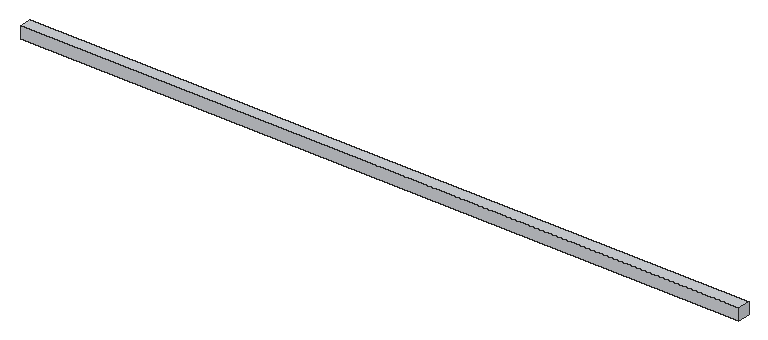
Revit family "BIM_ST_Scaff_CrossBrace_Shared", category Generic Models, Revit 2022
Family settings
  Can host rebar = No
  Round Connector Dimension = Use Diameter
  Part Type = Normal
  Work Plane-Based = No
  Always vertical = Yes
  Cut with Voids When Loaded = No
  Maintain Annotation Orientation = No
  Shared = Yes
  Room Calculation Point = No
Parameters
  Length [instance] = 0 mm
  Default Elevation = 0 mm
Reference planes
  plane 1 "Center (Front/Back)": y = 0
  plane 2: z = 0
  plane 3 "Center (Left/Right)": x = 0
Forms (mm)
  Extrusion 1, solid
    sketch origin (0, 0, 0) x (1, 0, 0) y (0, 1, 0)
      loop
        line (-900, -15) -> (900, -15) -> (900, 15) -> (-900, 15) -> (-900, -15)
    from 0 to 30
Dimensions and locks
  aligned and locked: level to plane 2
